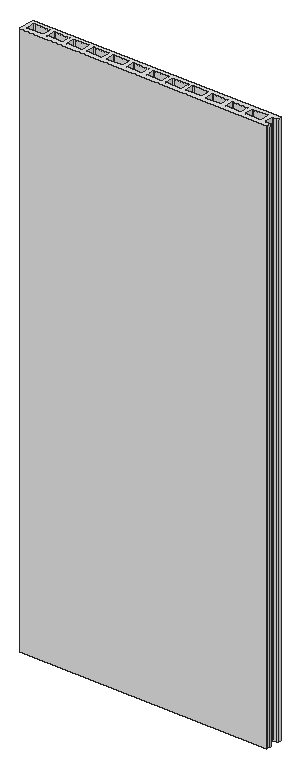
Revit family "ECP_MNH-6090B1(オス側カット)", category 一般モデル, Revit 2022
Family settings
  鉄筋をホスト可能 = いいえ
  丸型コネクタ寸法 = 直径を使用
  パーツ タイプ = 標準
  作業面ベース = いいえ
  常に垂直 = はい
  ロード時にボイドで切り取り = はい
  注釈の向きを維持 = いいえ
  共有 = いいえ
  部屋計算ポイント = いいえ
Parameters (values of type "ECP_MNH-6090B1")
  長さ [instance] = 2000 mm
  穴表示 = yes
  材質 = 40Msr_ECP
  既定の高さ = 0 mm
  既存長さ = 900 mm
  幅 [instance] = 890 mm
  固定寸法 = 890 mm
  厚さ = 60 mm
  オース側カット [instance] = 固定寸法 - 幅  # 0 mm
  4 オス側カット [instance] = yes
Reference planes
  plane 1 "中心(正面/背面)": y = 0
  plane 2: z = 0
  plane 3 "中心(左/右)": x = 0
  plane 4: y = -30
  plane 5: y = 30
  plane 6: z = 2000
  plane 7: x = 890
  plane 8: x = 0
Forms (mm)
  Extrusion 1, solid, material "40Msr_ECP" <- "材質", detail levels fine
    sketch origin (0, 0, 0) x (1, 0, 0) y (0, 1, 0)
      loop
        line (0, -28) -> (2, -30) -> (888, -30) -> (890, -28) -> (890, -19)
        arc (890, -19) -> (889.121, -16.879) -> (887, -16) r 3
        line (887, -16) -> (873, -16)
        arc (873, -16) -> (870.879, -15.121) -> (870, -13) r 3
        line (870, -13) -> (870, 13)
        arc (870, 13) -> (870.879, 15.121) -> (873, 16) r 3
        line (873, 16) -> (887, 16)
        arc (887, 16) -> (889.121, 16.879) -> (890, 19) r 3
        line (890, 19) -> (890, 28) -> (888, 30) -> (2, 30) -> (0, 28) -> (0, 16)
        arc (0, 16) -> (-0.879, 13.879) -> (-3, 13) r 3
        line (-3, 13) -> (-17, 13)
        arc (-17, 13) -> (-19.121, 12.121) -> (-20, 10) r 3
        line (-20, 10) -> (-20, -10)
        arc (-20, -10) -> (-19.121, -12.121) -> (-17, -13) r 3
        line (-17, -13) -> (-3, -13)
        arc (-3, -13) -> (-0.879, -13.879) -> (0, -16) r 3
        line (0, -16) -> (0, -28)
    from 0 to 2000
  Extrusion 2, void
    sketch origin (-50, 0, 0) x (1, 0, 0) y (0, 1, 0)
      loop
        line (30, -30) -> (50, -30) -> (50, 30) -> (30, 30) -> (30, -30)
    from 0 to 2000
  Extrusion 3, void
    sketch origin (-617, 0, 0) x (1, 0, 0) y (0, 1, 0)
      loop
        line (635, -16) -> (687, -16)
        arc (687, -16) -> (689.121, -15.121) -> (690, -13) r 3
        line (690, -13) -> (690, 13)
        arc (690, 13) -> (689.121, 15.121) -> (687, 16) r 3
        line (687, 16) -> (635, 16)
        arc (635, 16) -> (632.879, 15.121) -> (632, 13) r 3
        line (632, 13) -> (632, -13)
        arc (632, -13) -> (632.879, -15.121) -> (635, -16) r 3
      loop
        line (707, -16) -> (758, -16)
        arc (758, -16) -> (760.122, -15.121) -> (761, -13) r 3
        line (761, -13) -> (761, 13)
        arc (761, 13) -> (760.122, 15.121) -> (758, 16) r 3
        line (758, 16) -> (707, 16)
        arc (707, 16) -> (704.879, 15.121) -> (704, 13) r 3
        line (704, 13) -> (704, -13)
        arc (704, -13) -> (704.879, -15.121) -> (707, -16) r 3
      loop
        line (778, -16) -> (829, -16)
        arc (829, -16) -> (831.122, -15.121) -> (832, -13) r 3
        line (832, -13) -> (832, 13)
        arc (832, 13) -> (831.122, 15.121) -> (829, 16) r 3
        line (829, 16) -> (778, 16)
        arc (778, 16) -> (775.879, 15.121) -> (775, 13) r 3
        line (775, 13) -> (775, -13)
        arc (775, -13) -> (775.879, -15.121) -> (778, -16) r 3
      loop
        line (849, -16) -> (900, -16)
        arc (900, -16) -> (902.122, -15.121) -> (903, -13) r 3
        line (903, -13) -> (903, 13)
        arc (903, 13) -> (902.122, 15.121) -> (900, 16) r 3
        line (900, 16) -> (849, 16)
        arc (849, 16) -> (846.879, 15.121) -> (846, 13) r 3
        line (846, 13) -> (846, -13)
        arc (846, -13) -> (846.879, -15.121) -> (849, -16) r 3
      loop
        line (920, -16) -> (971, -16)
        arc (971, -16) -> (973.122, -15.121) -> (974, -13) r 3
        line (974, -13) -> (974, 13)
        arc (974, 13) -> (973.122, 15.121) -> (971, 16) r 3
        line (971, 16) -> (920, 16)
        arc (920, 16) -> (917.879, 15.121) -> (917, 13) r 3
        line (917, 13) -> (917, -13)
        arc (917, -13) -> (917.879, -15.121) -> (920, -16) r 3
      loop
        line (991, -16) -> (1042, -16)
        arc (1042, -16) -> (1044.122, -15.121) -> (1045, -13) r 3
        line (1045, -13) -> (1045, 13)
        arc (1045, 13) -> (1044.122, 15.121) -> (1042, 16) r 3
        line (1042, 16) -> (991, 16)
        arc (991, 16) -> (988.879, 15.121) -> (988, 13) r 3
        line (988, 13) -> (988, -13)
        arc (988, -13) -> (988.879, -15.121) -> (991, -16) r 3
      loop
        line (1062, -16) -> (1113, -16)
        arc (1113, -16) -> (1115.122, -15.121) -> (1116, -13) r 3
        line (1116, -13) -> (1116, 13)
        arc (1116, 13) -> (1115.122, 15.121) -> (1113, 16) r 3
        line (1113, 16) -> (1062, 16)
        arc (1062, 16) -> (1059.879, 15.121) -> (1059, 13) r 3
        line (1059, 13) -> (1059, -13)
        arc (1059, -13) -> (1059.879, -15.121) -> (1062, -16) r 3
      loop
        line (1133, -16) -> (1184, -16)
        arc (1184, -16) -> (1186.122, -15.121) -> (1187, -13) r 3
        line (1187, -13) -> (1187, 13)
        arc (1187, 13) -> (1186.122, 15.121) -> (1184, 16) r 3
        line (1184, 16) -> (1133, 16)
        arc (1133, 16) -> (1130.879, 15.121) -> (1130, 13) r 3
        line (1130, 13) -> (1130, -13)
        arc (1130, -13) -> (1130.879, -15.121) -> (1133, -16) r 3
      loop
        arc (1204, 16) -> (1201.879, 15.121) -> (1201, 13) r 3
        line (1201, 13) -> (1201, -13)
        arc (1201, -13) -> (1201.879, -15.121) -> (1204, -16) r 3
        line (1204, -16) -> (1255, -16)
        arc (1255, -16) -> (1257.122, -15.121) -> (1258, -13) r 3
        line (1258, -13) -> (1258, 13)
        arc (1258, 13) -> (1257.122, 15.121) -> (1255, 16) r 3
        line (1255, 16) -> (1204, 16)
      loop
        arc (1275, 16) -> (1272.879, 15.121) -> (1272, 13) r 3
        line (1272, 13) -> (1272, -13)
        arc (1272, -13) -> (1272.879, -15.121) -> (1275, -16) r 3
        line (1275, -16) -> (1326, -16)
        arc (1326, -16) -> (1328.122, -15.121) -> (1329, -13) r 3
        line (1329, -13) -> (1329, 13)
        arc (1329, 13) -> (1328.122, 15.121) -> (1326, 16) r 3
        line (1326, 16) -> (1275, 16)
      loop
        arc (1346, 16) -> (1343.879, 15.121) -> (1343, 13) r 3
        line (1343, 13) -> (1343, -13)
        arc (1343, -13) -> (1343.879, -15.121) -> (1346, -16) r 3
        line (1346, -16) -> (1397, -16)
        arc (1397, -16) -> (1399.122, -15.121) -> (1400, -13) r 3
        line (1400, -13) -> (1400, 13)
        arc (1400, 13) -> (1399.122, 15.121) -> (1397, 16) r 3
        line (1397, 16) -> (1346, 16)
      loop
        arc (1417, 16) -> (1414.879, 15.121) -> (1414, 13) r 3
        line (1414, 13) -> (1414, -13)
        arc (1414, -13) -> (1414.879, -15.121) -> (1417, -16) r 3
        line (1417, -16) -> (1469, -16)
        arc (1469, -16) -> (1471.122, -15.121) -> (1472, -13) r 3
        line (1472, -13) -> (1472, 13)
        arc (1472, 13) -> (1471.122, 15.121) -> (1469, 16) r 3
        line (1469, 16) -> (1417, 16)
    from 0 to 2000
Cuts and joins
  Extrusion 2, Extrusion 3 cuts Extrusion 1
Lines and regions (mm)
  symbolic lines, style "ECPパネル", detail levels coarse+medium
    curve 1: line (0, 30, 0) -> (890, 30, 0)
    curve 2: line (0, -30, 0) -> (0, 30, 0)
    curve 3: line (890, -30, 0) -> (0, -30, 0)
    curve 4: line (890, 30, 0) -> (890, -30, 0)
    curve 5: line (0, 0, 0) -> (890, 0, 0)
    curve 6: line (0, 0, 2000) -> (0, 0, 0)
    curve 7: line (890, 0, 2000) -> (0, 0, 2000)
    curve 8: line (890, 0, 0) -> (890, 0, 2000)
    curve 9: line (0, -30, 2000) -> (0, 30, 2000)
    curve 10: line (0, -30, 0) -> (0, -30, 2000)
    curve 11: line (0, 30, 0) -> (0, -30, 0)
    curve 12: line (0, 30, 2000) -> (0, 30, 0)
Dimensions and locks
  "厚さ": plane 4 to plane 5
  "長さ": plane 6 to level
  equal spacing: plane 4, plane 1 "中心(正面/背面)", plane 5
  "長さ": cut or joined group of Extrusion 1, Extrusion 2, Extrusion 3 to level
  "長さ": Extrusion 2 to level
  "幅": cut or joined group of Extrusion 1, Extrusion 2, Extrusion 3 to curve 8
  "長さ": level to Extrusion 3
  "固定寸法": plane 3 "中心(左/右)" to plane 7
  "幅": plane 8 to plane 7
  "オース側カット": plane 3 "中心(左/右)" to Extrusion 2 sketch curve
  aligned and locked: level to plane 2
Automatic sketch dimensions
  curve 11 to level = 0 mm
  curve 11 to plane 4 = 0 mm
  curve 11 to plane 5 = 0 mm
  curve 10 to plane 6 = 0 mm
  curve 7 to plane 3 "中心(左/右)" = 0 mm
  curve 7 to plane 6 = 0 mm
  curve 8 to level = 0 mm
  Extrusion 1 sketch curve to plane 3 "中心(左/右)" = 0 mm  (x2)
  plane 5 to Extrusion 1 sketch curve = 0 mm
  plane 4 to Extrusion 1 sketch curve = 0 mm
  Extrusion 1 sketch curve to Extrusion 1 sketch curve = 3 mm  (x3)
  Extrusion 1 sketch curve to plane 3 "中心(左/右)" = 3 mm  (x2)
  plane 3 "中心(左/右)" to Extrusion 1 sketch curve = 2 mm  (x2)
  plane 1 "中心(正面/背面)" to Extrusion 1 sketch curve = 13 mm
  Extrusion 1 sketch curve to Extrusion 1 sketch curve = 868 mm
  Extrusion 1 sketch curve to Extrusion 1 sketch curve = 14 mm  (x4)
  Extrusion 1 sketch curve to Extrusion 1 sketch curve = 1 mm  (x2)
  Extrusion 1 sketch curve to Extrusion 1 sketch curve = 2 mm  (x2)
  Extrusion 1 sketch curve to plane 4 = 2 mm  (x2)
  Extrusion 1 sketch curve to plane 4 = 14 mm
  Extrusion 1 sketch curve to plane 1 "中心(正面/背面)" = 10 mm
  Extrusion 1 sketch curve to plane 1 "中心(正面/背面)" = 13 mm
  plane 5 to Extrusion 1 sketch curve = 2 mm  (x2)
  plane 3 "中心(左/右)" to Extrusion 3 sketch curve = 15 mm
  Extrusion 3 sketch curve to Extrusion 3 sketch curve = 3 mm  (x36)
  plane 5 to Extrusion 3 sketch curve = 14 mm  (x10)
  Extrusion 3 sketch curve to Extrusion 3 sketch curve = 52 mm  (x2)
  Extrusion 3 sketch curve to Extrusion 3 sketch curve = 0 mm  (x12)
  Extrusion 3 sketch curve to Extrusion 3 sketch curve = 14 mm  (x11)
  Extrusion 3 sketch curve to Extrusion 3 sketch curve = 51 mm  (x10)
  plane 1 "中心(正面/背面)" to Extrusion 3 sketch curve = 13 mm  (x3)
  Extrusion 3 sketch curve to plane 4 = 14 mm  (x9)
  Extrusion 3 sketch curve to plane 1 "中心(正面/背面)" = 13 mm  (x2)
  plane 4 to Extrusion 2 sketch curve = 0 mm
  plane 5 to Extrusion 2 sketch curve = 0 mm
  Extrusion 2 sketch curve to plane 3 "中心(左/右)" = 20 mm
  plane 4 to curve 2 = 0 mm
  curve 2 to plane 8 = 0 mm
  curve 4 to plane 7 = 0 mm
  plane 5 to curve 1 = 0 mm
